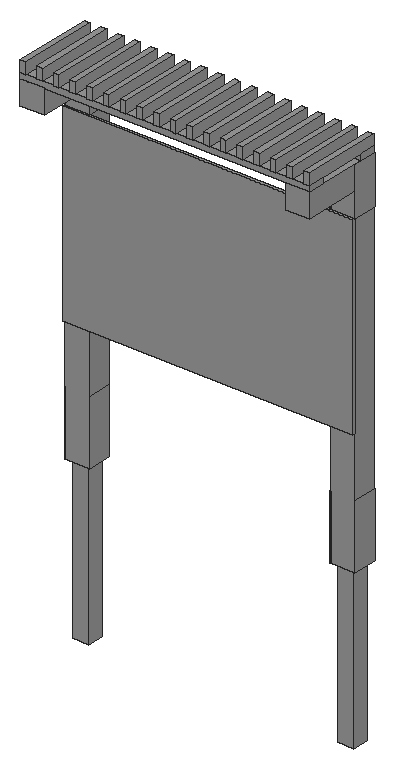
Revit family "Информационный стенд «Борд» Арт 14041", category Антураж, Revit 2018
Family settings
  На основе рабочей плоскости = Нет
  Всегда вертикально = Да
  При загрузке вырезать с полостями = Нет
  Источник визуального образа = Геометрия семейства
  Общий = Нет
  Точка расчета площади = Нет
Parameters (values of type "Информационный стенд «Борд» Большой щит")
  Ширина = if(Большой щит, 500 mm, 825 mm)  # 500 mm
  Описание = if(Большой щит, "Информационный стенд «Борд» Модель «большой щит»", "Информационный стенд «Борд» Модель «малый щит»")  # "Информационный стенд «Борд» Модель «большой щит»"
  Материал изделия = "Дерево"  # constant formula
  Малый щит = not(Большой щит)  # no
  Изображение типоразмера = Информационный стенд «Борд» большой щит.png
  Изготовитель = "ООО «Хоббика»"  # constant formula
  Длина = if(Большой щит, 1800 mm, 1200 mm)  # 1800 mm
  Группа модели = "Стенды и указатели"  # constant formula
  Высота = if(Большой щит, 2380 mm, 1035 mm)  # 2380 mm
  Большой щит = yes
  Артикул товара = ""
  URL = "https://hobbyka.ru/product/informatsionnyy_stend_bord/"
Types (3, lengths in mm): name | Ширина | Описание | Малый щит | Изображение типоразмера | Длина | Высота | Большой щит
  (no name) | 500 | "Информационный стенд «Борд» Модель «большой щит»" | no | Информационный стенд «Борд» большой щит.png | 1800 | 2380 | yes
  Информационный стенд «Борд» Большой щит | 500 | "Информационный стенд «Борд» Модель «большой щит»" | no | Информационный стенд «Борд» большой щит.png | 1800 | 2380 | yes
  Информационный стенд «Борд» Малый щит | 825 | "Информационный стенд «Борд» Модель «малый щит»" | yes | Информационный стенд «Борд» малый щит.png | 1200 | 1035 | no
Reference planes
  plane 1 "По центру (Вперед/Назад)": y = 0
  plane 2: z = 0
  plane 3 "По центру (Влево/Вправо)": x = 0
Lines and regions (mm)
  reference lines
    curve 1: line (1800, 610.966, 0) -> (1800, -489.032, 0)
    curve 2: line (-536.936, 500, 0) -> (2356.605, 500, 0)
Dimensions and locks
  "Ширина": plane 1 "По центру (Вперед/Назад)" to curve 2
  "Длина": plane 3 "По центру (Влево/Вправо)" to curve 1
  aligned and locked: level to plane 2
Automatic sketch dimensions
  curve 2 to plane 3 "По центру (Влево/Вправо)" = 536.936 mm
  curve 1 to curve 2 = 556.605 mm
  plane 1 "По центру (Вперед/Назад)" to curve 1 = 489.032 mm
  curve 2 to curve 1 = 110.966 mm
Nested families
  nested 1: "Информационный стенд «Борд» большой щит" at (0, 0, 0), visible <- "Большой щит", type "Информационный стенд «Борд» большой щит"
  nested 2: "Информационный стенд «Борд» малый щит" at (0, 0, 0), visible <- "Малый щит", type "Информационный стенд «Борд» малый щит"
Definition of nested family "Информационный стенд «Борд» большой щит"
  Parameters (values of type "Информационный стенд «Борд» большой щит")
    Цвет щита = none
    Цвет крепления = none
    Цвет каркасак = none
  Reference planes
    plane 1 "По центру (Вперед/Назад)": y = 0
    plane 2: z = 0
    plane 3 "По центру (Влево/Вправо)": x = 0
  Forms (mm)
    Extrusion 1, solid, material <- "Цвет каркасак"
      sketch origin (0, 0, 0) x (1, 0, 0) y (0, 1, 0)
        loop
          line (0, 0) -> (150, 0) -> (150, 500) -> (0, 500) -> (0, 0)
        loop
          line (1650, 0) -> (1800, 0) -> (1800, 500) -> (1650, 500) -> (1650, 0)
      from 0 to 2275
    Extrusion 2, solid, material <- "Цвет каркасак"
      sketch origin (0, 0, 0) x (0, 1, 0) y (0, 0, 1)
        loop
          line (0, 2275) -> (100, 2275) -> (100, 2310) -> (0, 2310) -> (0, 2275)
        loop
          line (400, 2275) -> (500, 2275) -> (500, 2310) -> (400, 2310) -> (400, 2275)
      from 0 to 1800
    Extrusion 3, solid, material <- "Цвет каркасак"
      sketch origin (0, 0, 0) x (1, 0, 0) y (0, 1, 0)
        loop
          line (0, 500) -> (0, 0) -> (35, 0) -> (35, 500) -> (0, 500)
      from 2310 to 2380
    Extrusion 4, void
      sketch origin (0, 0, 0) x (0, 1, 0) y (0, 0, 1)
        loop
          line (0, 0) -> (350, 0) -> (350, 2125) -> (0, 2125) -> (0, 0)
      from 0 to 1800
    Extrusion 5, solid, material <- "Цвет щита"
      sketch origin (0, 0, 0) x (1, 0, 0) y (0, 1, 0)
        loop
          line (0, 350) -> (0, 335) -> (1800, 335) -> (1800, 350) -> (0, 350)
      from 775 to 1975
    Extrusion 6, solid, material <- "Цвет каркасак"
      sketch origin (1765, 0, 0) x (1, 0, 0) y (0, 1, 0)
        loop
          line (0, 500) -> (0, 0) -> (35, 0) -> (35, 500) -> (0, 500)
      from 2310 to 2380
    Extrusion 7, solid, material <- "Цвет каркасак"
      sketch origin (103.824, 0, 0) x (1, 0, 0) y (0, 1, 0)
        loop
          line (0, 500) -> (0, 0) -> (35, 0) -> (35, 500) -> (0, 500)
      from 2310 to 2380
    Extrusion 8, solid, material <- "Цвет каркасак"
      sketch origin (207.647, 0, 0) x (1, 0, 0) y (0, 1, 0)
        loop
          line (0, 500) -> (0, 0) -> (35, 0) -> (35, 500) -> (0, 500)
      from 2310 to 2380
    Extrusion 9, solid, material <- "Цвет каркасак"
      sketch origin (311.471, 0, 0) x (1, 0, 0) y (0, 1, 0)
        loop
          line (0, 500) -> (0, 0) -> (35, 0) -> (35, 500) -> (0, 500)
      from 2310 to 2380
    Extrusion 10, solid, material <- "Цвет каркасак"
      sketch origin (415.294, 0, 0) x (1, 0, 0) y (0, 1, 0)
        loop
          line (0, 500) -> (0, 0) -> (35, 0) -> (35, 500) -> (0, 500)
      from 2310 to 2380
    Extrusion 11, solid, material <- "Цвет каркасак"
      sketch origin (519.118, 0, 0) x (1, 0, 0) y (0, 1, 0)
        loop
          line (0, 500) -> (0, 0) -> (35, 0) -> (35, 500) -> (0, 500)
      from 2310 to 2380
    Extrusion 12, solid, material <- "Цвет каркасак"
      sketch origin (622.941, 0, 0) x (1, 0, 0) y (0, 1, 0)
        loop
          line (0, 500) -> (0, 0) -> (35, 0) -> (35, 500) -> (0, 500)
      from 2310 to 2380
    Extrusion 13, solid, material <- "Цвет каркасак"
      sketch origin (726.765, 0, 0) x (1, 0, 0) y (0, 1, 0)
        loop
          line (0, 500) -> (0, 0) -> (35, 0) -> (35, 500) -> (0, 500)
      from 2310 to 2380
    Extrusion 14, solid, material <- "Цвет каркасак"
      sketch origin (830.588, 0, 0) x (1, 0, 0) y (0, 1, 0)
        loop
          line (0, 500) -> (0, 0) -> (35, 0) -> (35, 500) -> (0, 500)
      from 2310 to 2380
    Extrusion 15, solid, material <- "Цвет каркасак"
      sketch origin (934.412, 0, 0) x (1, 0, 0) y (0, 1, 0)
        loop
          line (0, 500) -> (0, 0) -> (35, 0) -> (35, 500) -> (0, 500)
      from 2310 to 2380
    Extrusion 16, solid, material <- "Цвет каркасак"
      sketch origin (1038.235, 0, 0) x (1, 0, 0) y (0, 1, 0)
        loop
          line (0, 500) -> (0, 0) -> (35, 0) -> (35, 500) -> (0, 500)
      from 2310 to 2380
    Extrusion 17, solid, material <- "Цвет каркасак"
      sketch origin (1142.059, 0, 0) x (1, 0, 0) y (0, 1, 0)
        loop
          line (0, 500) -> (0, 0) -> (35, 0) -> (35, 500) -> (0, 500)
      from 2310 to 2380
    Extrusion 18, solid, material <- "Цвет каркасак"
      sketch origin (1245.882, 0, 0) x (1, 0, 0) y (0, 1, 0)
        loop
          line (0, 500) -> (0, 0) -> (35, 0) -> (35, 500) -> (0, 500)
      from 2310 to 2380
    Extrusion 19, solid, material <- "Цвет каркасак"
      sketch origin (1349.706, 0, 0) x (1, 0, 0) y (0, 1, 0)
        loop
          line (0, 500) -> (0, 0) -> (35, 0) -> (35, 500) -> (0, 500)
      from 2310 to 2380
    Extrusion 20, solid, material <- "Цвет каркасак"
      sketch origin (1453.529, 0, 0) x (1, 0, 0) y (0, 1, 0)
        loop
          line (0, 500) -> (0, 0) -> (35, 0) -> (35, 500) -> (0, 500)
      from 2310 to 2380
    Extrusion 21, solid, material <- "Цвет каркасак"
      sketch origin (1557.353, 0, 0) x (1, 0, 0) y (0, 1, 0)
        loop
          line (0, 500) -> (0, 0) -> (35, 0) -> (35, 500) -> (0, 500)
      from 2310 to 2380
    Extrusion 22, solid, material <- "Цвет каркасак"
      sketch origin (1661.176, 0, 0) x (1, 0, 0) y (0, 1, 0)
        loop
          line (0, 500) -> (0, 0) -> (35, 0) -> (35, 500) -> (0, 500)
      from 2310 to 2380
    Extrusion 23, solid, material <- "Цвет крепления"
      sketch origin (0, 0, 0) x (1, 0, 0) y (0, 1, 0)
        loop
          line (0, 500) -> (-4, 500) -> (-4, 350) -> (0, 350) -> (0, 500)
        loop
          line (154, 500) -> (150, 500) -> (150, 350) -> (154, 350) -> (154, 500)
        loop
          line (1650, 500) -> (1646, 500) -> (1646, 350) -> (1650, 350) -> (1650, 500)
        loop
          line (1804, 500) -> (1800, 500) -> (1800, 350) -> (1804, 350) -> (1804, 500)
      from 1975 to 2275
    Extrusion 24, solid, material <- "Цвет крепления"
      sketch origin (0, 0, 0) x (1, 0, 0) y (0, 1, 0)
        loop
          line (0, 500) -> (-4, 500) -> (-4, 350) -> (0, 350) -> (0, 500)
        loop
          line (154, 500) -> (150, 500) -> (150, 350) -> (154, 350) -> (154, 500)
        loop
          line (1650, 500) -> (1646, 500) -> (1646, 350) -> (1650, 350) -> (1650, 500)
        loop
          line (1804, 500) -> (1800, 500) -> (1800, 350) -> (1804, 350) -> (1804, 500)
      from 0 to 400
    Extrusion 25, solid, material <- "Цвет крепления"
      sketch origin (0, 0, 0) x (1, 0, 0) y (0, 1, 0)
        loop
          line (25, 475) -> (25, 375) -> (125, 375) -> (125, 475) -> (25, 475)
        loop
          line (1675, 475) -> (1675, 375) -> (1775, 375) -> (1775, 475) -> (1675, 475)
      from -1000 to 0
  Cuts and joins
    Extrusion 4 cuts Extrusion 1
  Dimensions and locks
    equal spacing: group 1, group 3, group 4, group 5, group 6, group 7, group 8, group 9, group 10, group 11, group 12, group 13, group 14, group 15, group 16, group 17, group 18, group 2  (x3)
    aligned and locked: level to plane 2
Definition of nested family "Информационный стенд «Борд» малый щит"
  Parameters (values of type "Информационный стенд «Борд» малый щит")
    Цвет щита = none
    Цвет крепления = none
    Цвет каркасак = none
  Reference planes
    plane 1 "По центру (Вперед/Назад)": y = 0
    plane 2: z = 0
    plane 3 "По центру (Влево/Вправо)": x = 0
  Forms (mm)
    Extrusion 1, solid, material <- "Цвет щита"
      sketch origin (0, -990.821, 176.602) x (1, 0, 0) y (0, 0.573576, -0.819152)
        loop
          line (0, 350) -> (0, 335) -> (1200, 335) -> (1200, 350) -> (0, 350)
      from 975 to 1975
    Extrusion 2, solid, material <- "Цвет крепления"
      sketch origin (100, -11, 0) x (1, 0, 0) y (0, 1, 0)
        loop
          line (0, 475) -> (-4, 475) -> (-4, 375) -> (0, 375) -> (0, 475)
        loop
          line (104, 475) -> (100, 475) -> (100, 375) -> (104, 375) -> (104, 475)
      from 0 to 150
    Extrusion 3, solid, material <- "Цвет крепления"
      sketch origin (75, -11, 0) x (1, 0, 0) y (0, 1, 0)
        loop
          line (37.5, 462.5) -> (37.5, 387.5) -> (112.5, 387.5) -> (112.5, 462.5) -> (37.5, 462.5)
      from -700 to 0
    Extrusion 4, solid, material <- "Цвет каркасак"
      sketch origin (75, -11, 0) x (1, 0, 0) y (0, 1, 0)
        loop
          line (25, 475) -> (25, 375) -> (125, 375) -> (125, 475) -> (25, 475)
      from 0 to 768.008
    Extrusion 5, solid, material <- "Цвет крепления"
      sketch origin (1000, -11, 0) x (1, 0, 0) y (0, 1, 0)
        loop
          line (0, 475) -> (-4, 475) -> (-4, 375) -> (0, 375) -> (0, 475)
        loop
          line (104, 475) -> (100, 475) -> (100, 375) -> (104, 375) -> (104, 475)
      from 0 to 150
    Extrusion 6, solid, material <- "Цвет крепления"
      sketch origin (975, -11, 0) x (1, 0, 0) y (0, 1, 0)
        loop
          line (37.5, 462.5) -> (37.5, 387.5) -> (112.5, 387.5) -> (112.5, 462.5) -> (37.5, 462.5)
      from -700 to 0
    Extrusion 7, solid, material <- "Цвет каркасак"
      sketch origin (975, -11, 0) x (1, 0, 0) y (0, 1, 0)
        loop
          line (25, 475) -> (25, 375) -> (125, 375) -> (125, 475) -> (25, 475)
      from 0 to 768.008
    Extrusion 8, solid, material <- "Цвет каркасак"
      sketch origin (0, 0, 0) x (0, 1, 0) y (0, 0, 1)
        loop
          line (131.476, 535.173) -> (178.461, 518.072) -> (704.883, 886.676) -> (704.883, 936.676) -> (131.476, 535.173)
      from 200 to 250
    Extrusion 9, solid, material <- "Цвет каркасак"
      sketch origin (0, 0, 0) x (0, 1, 0) y (0, 0, 1)
        loop
          line (131.476, 535.173) -> (178.461, 518.072) -> (704.883, 886.676) -> (704.883, 936.676) -> (131.476, 535.173)
      from 950 to 1000
    Extrusion 10, void
      sketch origin (0, 0, 0) x (0, 1, 0) y (0, 0, 1)
        loop
          line (364, 697.987) -> (464, 768.008) -> (364, 768.008) -> (364, 697.987)
      from 0 to 1200
  Cuts and joins
    Extrusion 10 cuts Extrusion 4
    Extrusion 10 cuts Extrusion 8
    Extrusion 10 cuts Extrusion 7
  Dimensions and locks
    aligned and locked: level to plane 2
